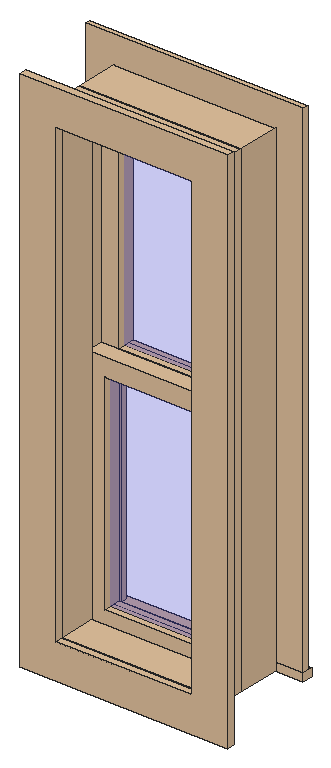
Revit family
Parameters (values of type "0406 x 1220mm")
  유리 창 재료 = 유리
  Height = 1220.00 mm
  섀시 = 섀시
  기본 씰 높이 = 915.00 mm
  자르기 외부 재료 = 자르기
  자르기 내부 재료 = 자르기
  자르기 투영 - 외부 = 13.00 mm
  자르기 투영 - 내부 = 19.00 mm
  자르기 폭 - 외부 = 89.00 mm
  자르기 폭 - 내부 = 89.00 mm
  Wall Closure = (empty or 0)
  Width = 406.00 mm
  창 인세트 = 19.00 mm
Types (10, lengths in mm): name | Height | 기본 씰 높이 | Width
  (no name) | 1220.00 | 915.00 | 406.00
  0915 x 1220mm | 1220.00 | 915.00 | 915.00
  0610 x 1220mm | 1220.00 | 915.00 | 610.00
  0610 x 0610mm | 610.00 | 915.00 | 610.00
  0406 x 0610mm | 610.00 | 915.00 | 406.00
  0406 x 1220mm | 1220.00 | 915.00 | 406.00
  0406 x 1830mm | 1830.00 | 305.00 | 406.00
  0610 x 1830mm | 1830.00 | 305.00 | 610.00
  0915 x 0610mm | 610.00 | 915.00 | 915.00
  0915 x 1830mm | 1830.00 | 305.00 | 915.00
Reference planes
  plane 1: y = 0
  plane 2: z = 0
  plane 3 "중심": x = 0
  plane 4 "왼쪽": x = -203
  plane 5 "오른쪽": x = 203
  plane 6 "씰": z = 915
  plane 7 "상단": z = 2135
  plane 8: y = 101.6
  plane 9: y = -101.6
  plane 10: y = 82.6
  plane 11: z = 1525
  plane 12: x = -183.95
  plane 13: x = -272.95
  plane 14: x = -260.25
  plane 15: x = -171.25
  plane 16: x = 273.05
  plane 17: x = 272.95
  plane 18: x = 171.25
  plane 19: x = 260.25
  plane 20: x = 183.95
  plane 21: z = 2204.95
  plane 22: z = 2192.25
  plane 23: z = 2115.95
  plane 24: z = 857.75
  plane 25: z = 946.75
  plane 26: z = 2103.25
  plane 27 "마무리": y = 9.575
Forms (mm)
  Extrusion 1, solid, material "자르기" <- "자르기 외부 재료"
    sketch origin (0, 0, 0) x (1, 0, 0) y (0, 0, 1)
      loop
        line (-203, 2135) -> (-203, 915) -> (203, 915) -> (203, 2135) -> (-203, 2135)
      loop
        line (-183.95, 2115.95) -> (-183.95, 934.05) -> (183.95, 934.05) -> (183.95, 2115.95) -> (-183.95, 2115.95)
    from -101.6 to 6.3
  Extrusion 2, solid, material "자르기" <- "자르기 내부 재료"
    sketch origin (0, 0, 0) x (-1, 0, 0) y (0, 0, 1)
      loop
        line (-203, 2135) -> (-203, 915) -> (203, 915) -> (203, 2135) -> (-203, 2135)
      loop
        line (-171.25, 2103.25) -> (-171.25, 946.75) -> (171.25, 946.75) -> (171.25, 2103.25) -> (-171.25, 2103.25)
    from -6.3 to -101.6
  Extrusion 3, solid, material "섀시" <- "섀시"
    sketch origin (0, 0, 0) x (-1, 0, 0) y (0, 0, 1)
      loop
        line (-183.95, 2115.95) -> (-183.95, 1502.775) -> (183.95, 1502.775) -> (183.95, 2115.95) -> (-183.95, 2115.95)
      loop
        line (-139.5, 2071.5) -> (-139.5, 1547.225) -> (139.5, 1547.225) -> (139.5, 2071.5) -> (-139.5, 2071.5)
    from 38.15 to 82.6
  Extrusion 4, solid, material "유리" <- "유리 창 재료"
    sketch origin (-124.971, 0, -117.036) x (1, 0, 0) y (0, 0, 1)
      loop
        line (-14.529, 2188.536) -> (-14.529, 1664.261) -> (264.471, 1664.261) -> (264.471, 2188.536) -> (-14.529, 2188.536)
    from -66.725 to -54.025
  Extrusion 5, solid, material "자르기" <- "자르기 내부 재료"
    sketch origin (0, 0, 0) x (1, 0, 0) y (0, 0, 1)
      loop
        line (-171.25, 2103.25) -> (-171.25, 946.75) -> (171.25, 946.75) -> (171.25, 2103.25) -> (-171.25, 2103.25)
      loop
        line (-260.25, 2192.25) -> (-260.25, 857.75) -> (260.25, 857.75) -> (260.25, 2192.25) -> (-260.25, 2192.25)
    from 101.6 to 120.6
  Extrusion 6, solid, material "자르기" <- "자르기 외부 재료"
    sketch origin (0, 0, 0) x (-1, 0, 0) y (0, 0, 1)
      loop
        line (-183.95, 2115.95) -> (183.95, 2115.95) -> (183.95, 934.05) -> (272.95, 934.05) -> (272.95, 2204.95) -> (-272.95, 2204.95) -> (-272.95, 934.05) -> (-183.95, 934.05) -> (-183.95, 2115.95)
    from 101.6 to 114.6
  Extrusion 7, solid, material "자르기" <- "자르기 외부 재료"
    sketch origin (0, 0, 0) x (-1, 0, 0) y (0, 0, 1)
      loop
        line (-272.95, 934.05) -> (-272.95, 915) -> (272.95, 915) -> (272.95, 934.05) -> (-272.95, 934.05)
    from 101.6 to 127.3
  Extrusion 8, solid, material "섀시" <- "섀시"
    sketch origin (0, 0, 0) x (-1, 0, 0) y (0, 0, 1)
      loop
        line (-183.95, 1547.225) -> (-183.95, 934.05) -> (183.95, 934.05) -> (183.95, 1547.225) -> (-183.95, 1547.225)
      loop
        line (-139.5, 1502.775) -> (-139.5, 978.5) -> (139.5, 978.5) -> (139.5, 1502.775) -> (-139.5, 1502.775)
    from -6.3 to 38.15
  Extrusion 9, solid, material "유리" <- "유리 창 재료"
    sketch origin (0, 0, 0) x (-1, 0, 0) y (0, 0, 1)
      loop
        line (-139.5, 978.5) -> (139.5, 978.5) -> (139.5, 1502.775) -> (-139.5, 1502.775) -> (-139.5, 978.5)
    from 9.575 to 22.275
Lines and regions (mm)
  Opening 1
    outline origin (-1524, -101.6, 0) x (1, 0, 0) y (0, 0, 1)
      loop
        line (1321, 2135) -> (1321, 915) -> (1727, 915) -> (1727, 2135) -> (1321, 2135)
  symbolic lines, style "WindowsFrameMullionProjection"
    curve 1: line (-203, 101.6, 0) -> (-183.95, 101.6, 0)
    curve 2: line (-183.95, -6.3, 0) -> (-183.95, 101.6, 0)
    curve 3: line (-183.95, -6.3, 0) -> (-171.25, -6.3, 0)
    curve 4: line (-171.25, -101.6, 0) -> (-171.25, -6.3, 0)
    curve 5: line (203, 101.6, 0) -> (183.95, 101.6, 0)
    curve 6: line (171.25, -6.3, 0) -> (171.25, -101.6, 0)
    curve 7: line (171.25, -6.3, 0) -> (183.95, -6.3, 0)
    curve 8: line (183.95, -6.3, 0) -> (183.95, 101.6, 0)
    curve 9: line (-183.95, 38.15, 0) -> (-139.5, 38.15, 0)
    curve 10: line (-183.95, 38.15, 0) -> (-183.95, -6.3, 0)
    curve 11: line (-183.95, -6.3, 0) -> (-139.5, -6.3, 0)
    curve 12: line (-139.5, 38.15, 0) -> (-139.5, -6.3, 0)
    curve 13: line (183.95, 38.15, 0) -> (139.5, 38.15, 0)
    curve 14: line (183.95, 38.15, 0) -> (183.95, -6.3, 0)
    curve 15: line (183.95, -6.3, 0) -> (139.5, -6.3, 0)
    curve 16: line (139.5, 38.15, 0) -> (139.5, -6.3, 0)
    curve 18: line (-171.25, -101.6, 0) -> (-203, -101.6, 0)
    curve 19: line (171.25, -101.6, 0) -> (203, -101.6, 0)
  symbolic lines, style "WindowsGlassProjection"
    curve 17: line (-139.5, 15.925, 0) -> (139.5, 15.925, 0)
Text (mm)
  text "외부" at (-1437.207, 1172.171, 0), in view "바닥 선"
  text "내부" at (-1437.207, -972.33, 0), in view "바닥 선"
  text "외부" at (0, 1108.87, 3415.022), in view "왼쪽"
  text "외부" at (0, 464.664, 3176.206), in view "오른쪽"
Dimensions and locks
  equal spacing: plane 4 "왼쪽", plane 3 "중심", plane 5 "오른쪽"
  "Width": plane 4 "왼쪽" to plane 5 "오른쪽"
  "창 인세트": plane 8 to plane 10
  locked: plane 10 to Extrusion 3 at 44.45
  locked: plane 10 to Extrusion 4 at 15.875
  locked: Extrusion 4 to Extrusion 4 at 12.7
  "자르기 투영 - 내부": Extrusion 5 to Extrusion 5
  "자르기 투영 - 외부": Extrusion 6 to Extrusion 6
  locked: Extrusion 7 sketch curve to Extrusion 1 at 19.05
  locked: Extrusion 7 to Extrusion 6 at 12.7
  equal spacing: plane 6 "씰", plane 11, plane 7 "상단"
  Extrusion 3 sketch curve to plane 11 to Extrusion 3 sketch curve = 22.225 mm locked, 22.225 mm locked
  locked: Extrusion 8 to Extrusion 3 at 88.9
  locked: Extrusion 8 to Extrusion 8 at 44.45
  locked: Extrusion 9 to Extrusion 8 at 15.875
  locked: Extrusion 9 to Extrusion 9 at 12.7
  locked: plane 4 "왼쪽" to plane 12 at 19.05
  locked: plane 20 to plane 5 "오른쪽" at 19.05
  locked: plane 4 "왼쪽" to plane 15 at 31.75
  locked: plane 18 to plane 5 "오른쪽" at 31.75
  locked: plane 23 to plane 7 "상단" at 19.05
  "자르기 폭 - 외부": plane 23 to plane 21
  "자르기 폭 - 외부": plane 20 to plane 17
  "자르기 폭 - 외부": plane 13 to plane 12
  locked: plane 25 to plane 6 "씰" at 31.75
  "자르기 폭 - 내부": plane 25 to plane 24
  "자르기 폭 - 내부": plane 14 to plane 15
  "자르기 폭 - 내부": plane 18 to plane 19
  "Height": plane 7 "상단" to plane 6 "씰"
  "기본 씰 높이": plane 6 "씰" to plane 2
  locked: plane 7 "상단" to plane 26 at 31.75
  "자르기 폭 - 내부": plane 22 to plane 26
  locked: plane 8 to plane 27 "마무리" at 92.025
  aligned and locked: plane 7 "상단" to Opening 1 sketch curve
  aligned and locked: plane 6 "씰" to Opening 1 sketch curve  (x2)
  aligned and locked: plane 5 "오른쪽" to Opening 1 sketch curve
  aligned and locked: plane 4 "왼쪽" to Opening 1 sketch curve
  aligned and locked: plane 9 to host wall
  aligned and locked: host wall to Extrusion 2
  aligned and locked: plane 10 to Extrusion 3
  aligned and locked: plane 8 to host wall
  aligned and locked: host wall to Extrusion 1
  aligned and locked: Extrusion 4 sketch curve to Extrusion 3  (x4)
  aligned and locked: curve 5 to Extrusion 1  (x2)
  aligned and locked: curve 6 to Extrusion 2
  aligned and locked: curve 4 to Extrusion 2
  aligned and locked: Extrusion 3 to curve 16
  aligned and locked: Extrusion 1 to curve 11
  aligned and locked: Extrusion 1 to curve 7
  aligned and locked: Extrusion 5 sketch curve to Extrusion 2  (x4)
  aligned and locked: Extrusion 5 to host wall
  aligned and locked: Extrusion 6 sketch curve to Extrusion 1  (x4)
  aligned and locked: Extrusion 6 to host wall
  aligned and locked: Extrusion 7 sketch curve to Extrusion 6  (x2)
  aligned and locked: Extrusion 7 to host wall
  aligned and locked: Extrusion 1 to Extrusion 8 sketch curve
  aligned and locked: Extrusion 8 sketch curve to Extrusion 6  (x2)
  aligned and locked: Extrusion 8 sketch curve to Extrusion 3
  aligned and locked: Extrusion 2 to Extrusion 8
  aligned and locked: Extrusion 1 to Extrusion 2
  aligned and locked: Extrusion 9 sketch curve to Extrusion 8  (x2)
  aligned and locked: Extrusion 3 to Extrusion 9 sketch curve
  aligned and locked: curve 9 to Extrusion 9 sketch curve
Automatic sketch dimensions
  Extrusion 1 sketch curve to plane 4 "왼쪽" = 0.00 mm
  Extrusion 1 sketch curve to plane 5 "오른쪽" = 0.00 mm
  Extrusion 1 sketch curve to plane 4 "왼쪽" = 19.05 mm
  plane 5 "오른쪽" to Extrusion 1 sketch curve = 19.05 mm
  Extrusion 1 sketch curve to plane 6 "씰" = 0.00 mm
  Extrusion 1 sketch curve to plane 7 "상단" = 0.00 mm
  Extrusion 1 sketch curve to plane 6 "씰" = 19.05 mm
  plane 7 "상단" to Extrusion 1 sketch curve = 19.05 mm
  Extrusion 2 sketch curve to plane 5 "오른쪽" = 0.00 mm
  Extrusion 2 sketch curve to plane 4 "왼쪽" = 0.00 mm
  plane 5 "오른쪽" to Extrusion 2 sketch curve = 31.75 mm
  Extrusion 2 sketch curve to plane 4 "왼쪽" = 31.75 mm
  Extrusion 2 sketch curve to plane 6 "씰" = 0.00 mm
  Extrusion 2 sketch curve to plane 7 "상단" = 0.00 mm
  Extrusion 2 sketch curve to plane 6 "씰" = 31.75 mm
  plane 7 "상단" to Extrusion 2 sketch curve = 31.75 mm
  plane 5 "오른쪽" to Extrusion 3 sketch curve = 19.05 mm
  Extrusion 3 sketch curve to Extrusion 3 sketch curve = 44.45 mm
  Extrusion 3 sketch curve to plane 4 "왼쪽" = 63.50 mm
  Extrusion 3 sketch curve to plane 4 "왼쪽" = 19.05 mm
  plane 7 "상단" to Extrusion 3 sketch curve = 63.50 mm
  plane 7 "상단" to Extrusion 3 sketch curve = 19.05 mm
  Extrusion 8 sketch curve to Extrusion 8 sketch curve = 44.45 mm  (x4)
  curve 18 to plane 4 "왼쪽" = 0.00 mm
  curve 1 to plane 4 "왼쪽" = 0.00 mm
  curve 2 to plane 8 = 0.00 mm
  curve 19 to plane 5 "오른쪽" = 0.00 mm
  curve 2 to plane 4 "왼쪽" = 19.05 mm
  curve 9 to curve 12 = 44.45 mm
  plane 5 "오른쪽" to curve 13 = 19.05 mm
  curve 19 to plane 9 = 0.00 mm
  curve 4 to plane 9 = 0.00 mm
  curve 12 to curve 17 = 22.225 mm
  curve 17 to curve 13 = 22.225 mm
  curve 17 to curve 9 = 22.225 mm
  Extrusion 7 sketch curve to plane 13 = 0.00 mm
  Extrusion 5 sketch curve to plane 14 = 0.00 mm
  Extrusion 5 sketch curve to plane 19 = 0.00 mm
  Extrusion 5 sketch curve to plane 24 = 0.00 mm
  Extrusion 5 sketch curve to plane 22 = 0.00 mm
  Extrusion 6 sketch curve to plane 17 = 0.00 mm
  Extrusion 6 sketch curve to plane 13 = 0.00 mm
  Extrusion 6 sketch curve to plane 21 = 0.00 mm
  Extrusion 6 sketch curve to plane 6 "씰" = 19.05 mm
